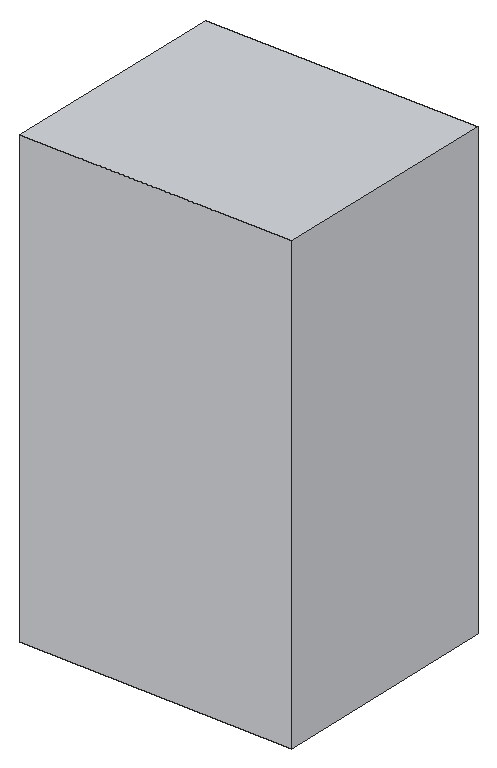
Revit family "Pump_Rheem_DeliverySkid", category Mechanical Equipment, Revit 2014 (continued)
Automatic sketch dimensions
  Extrusion 26 sketch curve to Extrusion 26 sketch curve = 10.652 mm  (x3)
  Extrusion 26 sketch curve to Extrusion 26 sketch curve = 0 mm
  level to Extrusion 26 sketch curve = 198.382 mm
  Extrusion 26 sketch curve to Extrusion 26 sketch curve = 6.15 mm  (x5)
  Extrusion 26 sketch curve to Extrusion 26 sketch curve = 12.3 mm
  Revolve 27 sketch curve to plane 7 = 47.278 mm
  Revolve 27 sketch curve to Revolve 27 sketch curve = 17.253 mm
  Revolve 27 sketch curve to Revolve 27 sketch curve = 0.5 mm
  Revolve 27 sketch curve to Revolve 27 sketch curve = 7.998 mm
  level to Revolve 27 sketch curve = 114.948 mm
  Revolve 27 sketch curve to Revolve 27 sketch curve = 17.249 mm
  Revolve 27 sketch curve to Revolve 27 sketch curve = 17.475 mm
  Revolve 27 sketch curve to Revolve 27 sketch curve = 8.583 mm
  Revolve 27 sketch curve to Revolve 27 sketch curve = 0 mm  (x2)
  plane 5 to Extrusion 28 sketch curve = 32.251 mm
  Extrusion 28 sketch curve to Extrusion 28 sketch curve = 10.652 mm  (x3)
  Extrusion 28 sketch curve to Extrusion 28 sketch curve = 0 mm
  level to Extrusion 28 sketch curve = 110 mm
  Extrusion 28 sketch curve to Extrusion 28 sketch curve = 6.15 mm  (x5)
  Extrusion 28 sketch curve to Extrusion 28 sketch curve = 12.3 mm
  Revolve 29 sketch curve to plane 7 = 47.278 mm
  Revolve 29 sketch curve to Revolve 29 sketch curve = 17.253 mm
  Revolve 29 sketch curve to Revolve 29 sketch curve = 0.5 mm
  Revolve 29 sketch curve to Revolve 29 sketch curve = 7.998 mm
  level to Revolve 29 sketch curve = 114.948 mm
  Revolve 29 sketch curve to Revolve 29 sketch curve = 17.249 mm
  Revolve 29 sketch curve to Revolve 29 sketch curve = 17.475 mm
  Revolve 29 sketch curve to Revolve 29 sketch curve = 8.583 mm
  Revolve 29 sketch curve to Revolve 29 sketch curve = 0 mm  (x2)
  plane 5 to Extrusion 30 sketch curve = 120.634 mm
  Extrusion 30 sketch curve to Extrusion 30 sketch curve = 10.652 mm  (x3)
  Extrusion 30 sketch curve to Extrusion 30 sketch curve = 0 mm
  level to Extrusion 30 sketch curve = 110 mm
  Extrusion 30 sketch curve to Extrusion 30 sketch curve = 6.15 mm  (x5)
  Extrusion 30 sketch curve to Extrusion 30 sketch curve = 12.3 mm
  Revolve 31 sketch curve to plane 7 = 47.278 mm
  Revolve 31 sketch curve to Revolve 31 sketch curve = 17.253 mm
  Revolve 31 sketch curve to Revolve 31 sketch curve = 0.5 mm
  Revolve 31 sketch curve to Revolve 31 sketch curve = 7.998 mm
  level to Revolve 31 sketch curve = 203.331 mm
  Revolve 31 sketch curve to Revolve 31 sketch curve = 17.249 mm
  Revolve 31 sketch curve to Revolve 31 sketch curve = 17.475 mm
  Revolve 31 sketch curve to Revolve 31 sketch curve = 8.583 mm
  Revolve 31 sketch curve to Revolve 31 sketch curve = 0 mm  (x2)
  plane 5 to Extrusion 32 sketch curve = 120.634 mm
  Extrusion 32 sketch curve to Extrusion 32 sketch curve = 10.652 mm  (x3)
  Extrusion 32 sketch curve to Extrusion 32 sketch curve = 0 mm
  level to Extrusion 32 sketch curve = 198.382 mm
  Extrusion 32 sketch curve to Extrusion 32 sketch curve = 6.15 mm  (x5)
  Extrusion 32 sketch curve to Extrusion 32 sketch curve = 12.3 mm
  Revolve 33 sketch curve to plane 6 = 16.025 mm
  Revolve 33 sketch curve to Revolve 33 sketch curve = 9.093 mm
  Revolve 33 sketch curve to Revolve 33 sketch curve = 4.41 mm  (x2)
  Revolve 33 sketch curve to Revolve 33 sketch curve = 0.496 mm  (x2)
  Revolve 33 sketch curve to Revolve 33 sketch curve = 21.905 mm
  Revolve 33 sketch curve to Revolve 33 sketch curve = 0.254 mm
  Revolve 33 sketch curve to Revolve 33 sketch curve = 3 mm  (x4)
  Revolve 33 sketch curve to Revolve 33 sketch curve = 2.745 mm
  Revolve 33 sketch curve to Revolve 33 sketch curve = 16.999 mm  (x2)
  Revolve 33 sketch curve to Revolve 33 sketch curve = 9.451 mm
  Revolve 33 sketch curve to Revolve 33 sketch curve = 5.642 mm
  Revolve 33 sketch curve to Revolve 33 sketch curve = 5.973 mm
  Revolve 33 sketch curve to plane 7 = 98.926 mm
  Revolve 33 sketch curve to Revolve 33 sketch curve = 5.906 mm
  Revolve 33 sketch curve to Revolve 33 sketch curve = 13.999 mm
  Revolve 33 sketch curve to Revolve 33 sketch curve = 1.944 mm
  Revolve 33 sketch curve to Revolve 33 sketch curve = 6 mm
  Revolve 33 sketch curve to plane 8 = 485.857 mm
  Revolve 33 sketch curve to Revolve 33 sketch curve = 26.932 mm
  Revolve 33 sketch curve to Revolve 33 sketch curve = 0 mm  (x5)
  Revolve 33 sketch curve to Revolve 33 sketch curve = 30.148 mm
  Revolve 33 sketch curve to Revolve 33 sketch curve = 5.148 mm
  Revolve 33 sketch curve to Revolve 33 sketch curve = 1.932 mm
  Revolve 33 sketch curve to Revolve 33 sketch curve = 5.461 mm
  Revolve 33 sketch curve to Revolve 33 sketch curve = 17.259 mm
  Revolve 33 sketch curve to Revolve 33 sketch curve = 9.712 mm
  Revolve 33 sketch curve to Revolve 33 sketch curve = 7.949 mm
  Revolve 33 sketch curve to Revolve 33 sketch curve = 22.854 mm
  Revolve 33 sketch curve to Revolve 33 sketch curve = 7.5 mm  (x2)
  Revolve 33 sketch curve to Revolve 33 sketch curve = 31.498 mm
  Revolve 33 sketch curve to plane 7 = 23.023 mm
  plane 5 to Extrusion 34 sketch curve = 76.538 mm
  Extrusion 34 sketch curve to plane 8 = 500.821 mm
  Extrusion 34 sketch curve to Extrusion 34 sketch curve = 8.076 mm
  Extrusion 34 sketch curve to Extrusion 34 sketch curve = 24.607 mm
  Extrusion 34 sketch curve to Extrusion 34 sketch curve = 16.53 mm
  Revolve 35 sketch curve to plane 6 = 55.768 mm
  Revolve 35 sketch curve to Revolve 35 sketch curve = 17.253 mm
  Revolve 35 sketch curve to Revolve 35 sketch curve = 0.5 mm
  Revolve 35 sketch curve to Revolve 35 sketch curve = 7.998 mm
  Revolve 35 sketch curve to plane 8 = 529.822 mm
  Revolve 35 sketch curve to Revolve 35 sketch curve = 0.227 mm
  Revolve 35 sketch curve to Revolve 35 sketch curve = 17.475 mm
  Revolve 35 sketch curve to Revolve 35 sketch curve = 8.583 mm
  Revolve 35 sketch curve to Revolve 35 sketch curve = 0 mm  (x2)
  plane 5 to Extrusion 36 sketch curve = 32.251 mm
  Extrusion 36 sketch curve to Extrusion 36 sketch curve = 10.652 mm  (x3)
  Extrusion 36 sketch curve to Extrusion 36 sketch curve = 0 mm
  Extrusion 36 sketch curve to plane 8 = 517.748 mm
  Extrusion 36 sketch curve to Extrusion 36 sketch curve = 6.15 mm  (x3)
  Extrusion 36 sketch curve to Extrusion 36 sketch curve = 12.3 mm  (x3)
  Revolve 37 sketch curve to plane 6 = 55.768 mm
  Revolve 37 sketch curve to Revolve 37 sketch curve = 17.253 mm
  Revolve 37 sketch curve to Revolve 37 sketch curve = 0.5 mm
  Revolve 37 sketch curve to Revolve 37 sketch curve = 7.998 mm
  Revolve 37 sketch curve to plane 8 = 441.439 mm
  Revolve 37 sketch curve to Revolve 37 sketch curve = 0.227 mm
  Revolve 37 sketch curve to Revolve 37 sketch curve = 17.475 mm
  Revolve 37 sketch curve to Revolve 37 sketch curve = 8.583 mm
  Revolve 37 sketch curve to Revolve 37 sketch curve = 0 mm  (x2)
  plane 5 to Extrusion 38 sketch curve = 32.251 mm
  Extrusion 38 sketch curve to Extrusion 38 sketch curve = 10.652 mm  (x3)
  Extrusion 38 sketch curve to Extrusion 38 sketch curve = 0 mm
  Extrusion 38 sketch curve to plane 8 = 429.366 mm
  Extrusion 38 sketch curve to Extrusion 38 sketch curve = 6.15 mm  (x3)
  Extrusion 38 sketch curve to Extrusion 38 sketch curve = 12.3 mm  (x3)
  Revolve 39 sketch curve to plane 6 = 55.768 mm
  Revolve 39 sketch curve to Revolve 39 sketch curve = 17.253 mm
  Revolve 39 sketch curve to Revolve 39 sketch curve = 0.5 mm
  Revolve 39 sketch curve to Revolve 39 sketch curve = 7.998 mm
  Revolve 39 sketch curve to plane 8 = 441.439 mm
  Revolve 39 sketch curve to Revolve 39 sketch curve = 0.227 mm
  Revolve 39 sketch curve to Revolve 39 sketch curve = 17.475 mm
  Revolve 39 sketch curve to Revolve 39 sketch curve = 8.583 mm
  Revolve 39 sketch curve to Revolve 39 sketch curve = 0 mm  (x2)
  plane 5 to Extrusion 40 sketch curve = 120.634 mm
  Extrusion 40 sketch curve to Extrusion 40 sketch curve = 10.652 mm  (x3)
  Extrusion 40 sketch curve to Extrusion 40 sketch curve = 0 mm
  Extrusion 40 sketch curve to plane 8 = 429.366 mm
  Extrusion 40 sketch curve to Extrusion 40 sketch curve = 6.15 mm  (x3)
  Extrusion 40 sketch curve to Extrusion 40 sketch curve = 12.3 mm  (x3)
  Revolve 41 sketch curve to plane 6 = 55.768 mm
  Revolve 41 sketch curve to Revolve 41 sketch curve = 17.253 mm
  Revolve 41 sketch curve to Revolve 41 sketch curve = 0.5 mm
  Revolve 41 sketch curve to Revolve 41 sketch curve = 7.998 mm
  Revolve 41 sketch curve to plane 8 = 529.822 mm
  Revolve 41 sketch curve to Revolve 41 sketch curve = 0.227 mm
  Revolve 41 sketch curve to Revolve 41 sketch curve = 17.475 mm
  Revolve 41 sketch curve to Revolve 41 sketch curve = 8.583 mm
  Revolve 41 sketch curve to Revolve 41 sketch curve = 0 mm  (x2)
  plane 5 to Extrusion 42 sketch curve = 120.634 mm
  Extrusion 42 sketch curve to Extrusion 42 sketch curve = 10.652 mm  (x3)
  Extrusion 42 sketch curve to Extrusion 42 sketch curve = 0 mm
  Extrusion 42 sketch curve to plane 8 = 517.748 mm
  Extrusion 42 sketch curve to Extrusion 42 sketch curve = 6.15 mm  (x3)
  Extrusion 42 sketch curve to Extrusion 42 sketch curve = 12.3 mm  (x3)
  Revolve 43 sketch curve to plane 6 = 47.278 mm
  Revolve 43 sketch curve to Revolve 43 sketch curve = 17.253 mm
  Revolve 43 sketch curve to Revolve 43 sketch curve = 0.5 mm
  Revolve 43 sketch curve to Revolve 43 sketch curve = 7.998 mm
  Revolve 43 sketch curve to plane 8 = 547.297 mm
  Revolve 43 sketch curve to Revolve 43 sketch curve = 17.249 mm
  Revolve 43 sketch curve to Revolve 43 sketch curve = 17.475 mm
  Revolve 43 sketch curve to Revolve 43 sketch curve = 8.583 mm
  Revolve 43 sketch curve to Revolve 43 sketch curve = 0 mm  (x2)
  plane 5 to Extrusion 44 sketch curve = 32.251 mm
  Extrusion 44 sketch curve to Extrusion 44 sketch curve = 10.652 mm  (x3)
  Extrusion 44 sketch curve to Extrusion 44 sketch curve = 0 mm
  Extrusion 44 sketch curve to plane 8 = 542.348 mm
  Extrusion 44 sketch curve to Extrusion 44 sketch curve = 6.15 mm  (x5)
  Extrusion 44 sketch curve to Extrusion 44 sketch curve = 12.3 mm
  Revolve 45 sketch curve to plane 6 = 47.278 mm
  Revolve 45 sketch curve to Revolve 45 sketch curve = 17.253 mm
  Revolve 45 sketch curve to Revolve 45 sketch curve = 0.5 mm
  Revolve 45 sketch curve to Revolve 45 sketch curve = 7.998 mm
  Revolve 45 sketch curve to plane 8 = 458.915 mm
  Revolve 45 sketch curve to Revolve 45 sketch curve = 17.249 mm
  Revolve 45 sketch curve to Revolve 45 sketch curve = 17.475 mm
  Revolve 45 sketch curve to Revolve 45 sketch curve = 8.583 mm
  Revolve 45 sketch curve to Revolve 45 sketch curve = 0 mm  (x2)
  plane 5 to Extrusion 46 sketch curve = 32.251 mm
  Extrusion 46 sketch curve to Extrusion 46 sketch curve = 10.652 mm  (x3)
  Extrusion 46 sketch curve to Extrusion 46 sketch curve = 0 mm
  Extrusion 46 sketch curve to plane 8 = 453.966 mm
  Extrusion 46 sketch curve to Extrusion 46 sketch curve = 6.15 mm  (x5)
  Extrusion 46 sketch curve to Extrusion 46 sketch curve = 12.3 mm
  Revolve 47 sketch curve to plane 6 = 47.278 mm
  Revolve 47 sketch curve to Revolve 47 sketch curve = 17.253 mm
  Revolve 47 sketch curve to Revolve 47 sketch curve = 0.5 mm
  Revolve 47 sketch curve to Revolve 47 sketch curve = 7.998 mm
  Revolve 47 sketch curve to plane 8 = 458.915 mm
  Revolve 47 sketch curve to Revolve 47 sketch curve = 17.249 mm
  Revolve 47 sketch curve to Revolve 47 sketch curve = 17.475 mm
  Revolve 47 sketch curve to Revolve 47 sketch curve = 8.583 mm
  Revolve 47 sketch curve to Revolve 47 sketch curve = 0 mm  (x2)
  plane 5 to Extrusion 48 sketch curve = 120.634 mm
  Extrusion 48 sketch curve to Extrusion 48 sketch curve = 10.652 mm  (x3)
  Extrusion 48 sketch curve to Extrusion 48 sketch curve = 0 mm
  Extrusion 48 sketch curve to plane 8 = 453.966 mm
  Extrusion 48 sketch curve to Extrusion 48 sketch curve = 6.15 mm  (x5)
  Extrusion 48 sketch curve to Extrusion 48 sketch curve = 12.3 mm
  Revolve 49 sketch curve to plane 6 = 47.278 mm
  Revolve 49 sketch curve to Revolve 49 sketch curve = 17.253 mm
  Revolve 49 sketch curve to Revolve 49 sketch curve = 0.5 mm
  Revolve 49 sketch curve to Revolve 49 sketch curve = 7.998 mm
  Revolve 49 sketch curve to plane 8 = 547.297 mm
  Revolve 49 sketch curve to Revolve 49 sketch curve = 17.249 mm
  Revolve 49 sketch curve to Revolve 49 sketch curve = 17.475 mm
  Revolve 49 sketch curve to Revolve 49 sketch curve = 8.583 mm
  Revolve 49 sketch curve to Revolve 49 sketch curve = 0 mm  (x2)
  plane 5 to Extrusion 50 sketch curve = 120.634 mm
  Extrusion 50 sketch curve to Extrusion 50 sketch curve = 10.652 mm  (x3)
  Extrusion 50 sketch curve to Extrusion 50 sketch curve = 0 mm
  Extrusion 50 sketch curve to plane 8 = 542.348 mm
  Extrusion 50 sketch curve to Extrusion 50 sketch curve = 6.15 mm  (x5)
  Extrusion 50 sketch curve to Extrusion 50 sketch curve = 12.3 mm
  plane 5 to Extrusion 51 sketch curve = 42.903 mm  (x2)
  Extrusion 51 sketch curve to Extrusion 51 sketch curve = 88.383 mm  (x3)
  Extrusion 51 sketch curve to Extrusion 51 sketch curve = 0 mm  (x2)
  level to Extrusion 51 sketch curve = 97.7 mm
  plane 5 to Extrusion 52 sketch curve = 42.903 mm  (x2)
  Extrusion 52 sketch curve to Extrusion 52 sketch curve = 88.383 mm  (x3)
  Extrusion 52 sketch curve to Extrusion 52 sketch curve = 0 mm  (x2)
  Extrusion 52 sketch curve to plane 8 = 441.666 mm
  plane 3 "Center (Left/Right)" to Sweep 53 sketch curve = 51.498 mm
  Sweep 53 sketch curve to Sweep 53 sketch curve = 1 mm  (x3)
  Sweep 53 sketch curve to Sweep 53 sketch curve = 124.989 mm  (x2)
  Sweep 53 sketch curve to level = 376.977 mm
  Sweep 53 sketch curve to Sweep 53 sketch curve = 260.06 mm
  profile plane to Sweep 53 sketch curve = 0 mm
  Sweep 53 sketch curve to profile plane = 24.998 mm
  Sweep 53 sketch curve to plane 1 "Center (Front/Back)" = 263.56 mm
  plane 1 "Center (Front/Back)" to Sweep 53 sketch curve = 27.921 mm
  Sweep 53 sketch curve to Sweep 53 sketch curve = 266.483 mm
  plane 3 "Center (Left/Right)" to Extrusion 54 sketch curve = 51.498 mm
  Extrusion 54 sketch curve to Extrusion 54 sketch curve = 1 mm  (x3)
  Extrusion 54 sketch curve to Extrusion 54 sketch curve = 124.989 mm  (x2)
  Extrusion 54 sketch curve to level = 376.977 mm
  Extrusion 54 sketch curve to Extrusion 54 sketch curve = 260.06 mm
  plane 3 "Center (Left/Right)" to Revolve 55 sketch curve = 114.016 mm
  Revolve 55 sketch curve to Revolve 55 sketch curve = 5 mm  (x3)
  Revolve 55 sketch curve to Revolve 55 sketch curve = 0.5 mm
  Revolve 55 sketch curve to Revolve 55 sketch curve = 0.101 mm
  Revolve 55 sketch curve to Revolve 55 sketch curve = 1.453 mm
  Revolve 55 sketch curve to Revolve 55 sketch curve = 0.504 mm
  Revolve 55 sketch curve to Revolve 55 sketch curve = 0.067 mm
  Revolve 55 sketch curve to Revolve 55 sketch curve = 2.481 mm
  Revolve 55 sketch curve to Revolve 55 sketch curve = 0.147 mm
  Revolve 55 sketch curve to Revolve 55 sketch curve = 1.079 mm
  Revolve 55 sketch curve to Revolve 55 sketch curve = 6.488 mm
  Revolve 55 sketch curve to Revolve 55 sketch curve = 0 mm  (x17)
  Revolve 55 sketch curve to Revolve 55 sketch curve = 2.851 mm
  Revolve 55 sketch curve to Revolve 55 sketch curve = 5.887 mm
  Revolve 55 sketch curve to Revolve 55 sketch curve = 0.376 mm
  Revolve 55 sketch curve to Revolve 55 sketch curve = 0.84 mm
  Revolve 55 sketch curve to Revolve 55 sketch curve = 1.504 mm  (x3)
  Revolve 55 sketch curve to Revolve 55 sketch curve = 1.129 mm
  Revolve 55 sketch curve to Revolve 55 sketch curve = 0.665 mm
  Revolve 55 sketch curve to Revolve 55 sketch curve = 19.482 mm  (x2)
  Revolve 55 sketch curve to Revolve 55 sketch curve = 26.874 mm
  level to Revolve 55 sketch curve = 141.891 mm
  Revolve 55 sketch curve to Revolve 55 sketch curve = 42.791 mm
  Revolve 55 sketch curve to Revolve 55 sketch curve = 0.869 mm  (x3)
  Revolve 55 sketch curve to Revolve 55 sketch curve = 1.737 mm  (x17)
  Revolve 55 sketch curve to Revolve 55 sketch curve = 0.652 mm
  Revolve 55 sketch curve to Revolve 55 sketch curve = 18.749 mm
  Revolve 55 sketch curve to Revolve 55 sketch curve = 7.14 mm
  Revolve 55 sketch curve to Revolve 55 sketch curve = 42.856 mm
  Revolve 55 sketch curve to Revolve 55 sketch curve = 3 mm
  Revolve 55 sketch curve to Revolve 55 sketch curve = 0.644 mm
  Revolve 55 sketch curve to Revolve 55 sketch curve = 16.823 mm
  Revolve 55 sketch curve to Revolve 55 sketch curve = 0.485 mm
  Revolve 55 sketch curve to Revolve 55 sketch curve = 1.048 mm
  Revolve 55 sketch curve to Revolve 55 sketch curve = 0.529 mm
  Revolve 55 sketch curve to Revolve 55 sketch curve = 20.774 mm
  Revolve 55 sketch curve to Revolve 55 sketch curve = 32.539 mm
  Revolve 55 sketch curve to Revolve 55 sketch curve = 40 mm
  plane 3 "Center (Left/Right)" to Extrusion 56 sketch curve = 111.491 mm
  Extrusion 56 sketch curve to Extrusion 56 sketch curve = 10.251 mm  (x5)
  Extrusion 56 sketch curve to Extrusion 56 sketch curve = 24.749 mm  (x7)
  plane 5 to Extrusion 56 sketch curve = 52.094 mm
  plane 5 to Extrusion 56 sketch curve = 62.346 mm
  plane 5 to Extrusion 56 sketch curve = 87.094 mm
  plane 3 "Center (Left/Right)" to Extrusion 57 sketch curve = 121.491 mm
  Extrusion 57 sketch curve to Extrusion 57 sketch curve = 7.322 mm  (x5)
  Extrusion 57 sketch curve to Extrusion 57 sketch curve = 17.678 mm  (x8)
  plane 5 to Extrusion 57 sketch curve = 62.094 mm
  plane 5 to Extrusion 57 sketch curve = 69.417 mm
  plane 3 "Center (Left/Right)" to Extrusion 58 sketch curve = 120.416 mm
  Extrusion 58 sketch curve to Extrusion 58 sketch curve = 7.637 mm  (x5)
  Extrusion 58 sketch curve to Extrusion 58 sketch curve = 18.437 mm  (x8)
  plane 5 to Extrusion 58 sketch curve = 61.02 mm
  plane 5 to Extrusion 58 sketch curve = 68.657 mm
  Extrusion 59 sketch curve to Extrusion 59 sketch curve = 0 mm  (x2)
  plane 3 "Center (Left/Right)" to Extrusion 59 sketch curve = 124.992 mm
  Extrusion 59 sketch curve to Extrusion 59 sketch curve = 7.952 mm  (x2)
  Extrusion 59 sketch curve to Extrusion 59 sketch curve = 2.639 mm  (x2)
  Extrusion 59 sketch curve to Extrusion 59 sketch curve = 10.907 mm
  Extrusion 59 sketch curve to Extrusion 59 sketch curve = 4.419 mm
  Extrusion 59 sketch curve to Extrusion 59 sketch curve = 4.75 mm
  level to Extrusion 59 sketch curve = 221.386 mm
  Extrusion 59 sketch curve to Extrusion 59 sketch curve = 13.546 mm
  plane 3 "Center (Left/Right)" to Extrusion 61 sketch curve = 146.491 mm
  level to Extrusion 61 sketch curve = 242.884 mm
  Extrusion 62 sketch curve to Extrusion 62 sketch curve = 0 mm  (x3)
  plane 5 to Extrusion 62 sketch curve = 27.122 mm
  Extrusion 62 sketch curve to Extrusion 62 sketch curve = 0.871 mm
  Extrusion 62 sketch curve to Extrusion 62 sketch curve = 3 mm  (x2)
  Extrusion 62 sketch curve to Extrusion 62 sketch curve = 0.469 mm
  Extrusion 62 sketch curve to Extrusion 62 sketch curve = 3.031 mm
  Extrusion 62 sketch curve to Extrusion 62 sketch curve = 7.629 mm
  Extrusion 62 sketch curve to Extrusion 62 sketch curve = 0.36 mm
  Extrusion 62 sketch curve to Extrusion 62 sketch curve = 2.719 mm
  Extrusion 62 sketch curve to Extrusion 62 sketch curve = 0.421 mm
  Extrusion 62 sketch curve to Extrusion 62 sketch curve = 2.55 mm
  Extrusion 62 sketch curve to Extrusion 62 sketch curve = 0.5 mm
  level to Extrusion 62 sketch curve = 224.635 mm
  Extrusion 62 sketch curve to Extrusion 62 sketch curve = 29.498 mm
  Extrusion 62 sketch curve to Extrusion 62 sketch curve = 0.096 mm
  Extrusion 62 sketch curve to Extrusion 62 sketch curve = 18.546 mm
  plane 3 "Center (Left/Right)" to Extrusion 63 sketch curve = 136.491 mm
  Extrusion 63 sketch curve to Extrusion 63 sketch curve = 2 mm  (x3)
  Extrusion 63 sketch curve to Extrusion 63 sketch curve = 15.999 mm  (x2)
  level to Extrusion 63 sketch curve = 281.096 mm
  Extrusion 63 sketch curve to Extrusion 63 sketch curve = 84.78 mm
  plane 5 to Extrusion 64 sketch curve = 42.621 mm
  plane 3 "Center (Left/Right)" to Extrusion 64 sketch curve = 141.491 mm
  Extrusion 64 sketch curve to Extrusion 64 sketch curve = 1.802 mm  (x4)
  Extrusion 64 sketch curve to Extrusion 64 sketch curve = 3.198 mm  (x3)
  Extrusion 64 sketch curve to Extrusion 64 sketch curve = 9.171 mm
  Revolve 65 sketch curve to plane 3 "Center (Left/Right)" = 115.969 mm
  Revolve 65 sketch curve to Revolve 65 sketch curve = 5 mm  (x3)
  Revolve 65 sketch curve to Revolve 65 sketch curve = 0.5 mm
  Revolve 65 sketch curve to Revolve 65 sketch curve = 0.101 mm
  Revolve 65 sketch curve to Revolve 65 sketch curve = 1.453 mm
  Revolve 65 sketch curve to Revolve 65 sketch curve = 0.504 mm
  Revolve 65 sketch curve to Revolve 65 sketch curve = 0.067 mm
  Revolve 65 sketch curve to Revolve 65 sketch curve = 2.481 mm
  Revolve 65 sketch curve to Revolve 65 sketch curve = 0.147 mm
  Revolve 65 sketch curve to Revolve 65 sketch curve = 1.079 mm
  Revolve 65 sketch curve to Revolve 65 sketch curve = 6.488 mm
  Revolve 65 sketch curve to Revolve 65 sketch curve = 0 mm  (x17)
  Revolve 65 sketch curve to Revolve 65 sketch curve = 2.851 mm
  Revolve 65 sketch curve to Revolve 65 sketch curve = 5.887 mm
  Revolve 65 sketch curve to Revolve 65 sketch curve = 0.376 mm
  Revolve 65 sketch curve to Revolve 65 sketch curve = 0.84 mm
  Revolve 65 sketch curve to Revolve 65 sketch curve = 1.504 mm  (x3)
  Revolve 65 sketch curve to Revolve 65 sketch curve = 1.129 mm
  Revolve 65 sketch curve to Revolve 65 sketch curve = 0.665 mm
  Revolve 65 sketch curve to Revolve 65 sketch curve = 19.482 mm  (x2)
  Revolve 65 sketch curve to Revolve 65 sketch curve = 26.874 mm
  level to Revolve 65 sketch curve = 141.891 mm
  Revolve 65 sketch curve to Revolve 65 sketch curve = 42.791 mm
  Revolve 65 sketch curve to Revolve 65 sketch curve = 0.869 mm  (x3)
  Revolve 65 sketch curve to Revolve 65 sketch curve = 1.737 mm  (x17)
  Revolve 65 sketch curve to Revolve 65 sketch curve = 0.652 mm
  Revolve 65 sketch curve to Revolve 65 sketch curve = 18.749 mm
  Revolve 65 sketch curve to Revolve 65 sketch curve = 7.14 mm
  Revolve 65 sketch curve to Revolve 65 sketch curve = 42.856 mm
  Revolve 65 sketch curve to Revolve 65 sketch curve = 3 mm
  Revolve 65 sketch curve to Revolve 65 sketch curve = 0.644 mm
  Revolve 65 sketch curve to Revolve 65 sketch curve = 16.823 mm
  Revolve 65 sketch curve to Revolve 65 sketch curve = 0.485 mm
  Revolve 65 sketch curve to Revolve 65 sketch curve = 1.048 mm
  Revolve 65 sketch curve to Revolve 65 sketch curve = 0.529 mm
  Revolve 65 sketch curve to Revolve 65 sketch curve = 20.774 mm
  Revolve 65 sketch curve to Revolve 65 sketch curve = 32.539 mm
  Revolve 65 sketch curve to Revolve 65 sketch curve = 40 mm
  Extrusion 66 sketch curve to plane 3 "Center (Left/Right)" = 118.495 mm
  Extrusion 66 sketch curve to Extrusion 66 sketch curve = 10.251 mm  (x6)
  Extrusion 66 sketch curve to Extrusion 66 sketch curve = 24.749 mm  (x8)
  plane 5 to Extrusion 66 sketch curve = 52.094 mm
  Extrusion 67 sketch curve to plane 3 "Center (Left/Right)" = 108.495 mm
  Extrusion 67 sketch curve to Extrusion 67 sketch curve = 7.322 mm  (x6)
  Extrusion 67 sketch curve to Extrusion 67 sketch curve = 17.678 mm  (x8)
  plane 5 to Extrusion 67 sketch curve = 62.094 mm
  Extrusion 68 sketch curve to plane 3 "Center (Left/Right)" = 109.569 mm
  Extrusion 68 sketch curve to Extrusion 68 sketch curve = 7.637 mm  (x6)
  Extrusion 68 sketch curve to Extrusion 68 sketch curve = 18.437 mm  (x8)
  plane 5 to Extrusion 68 sketch curve = 61.02 mm
  Extrusion 69 sketch curve to plane 3 "Center (Left/Right)" = 93.494 mm
  Extrusion 69 sketch curve to Extrusion 69 sketch curve = 2 mm  (x3)
  Extrusion 69 sketch curve to Extrusion 69 sketch curve = 15.999 mm  (x2)
  level to Extrusion 69 sketch curve = 281.096 mm
  Extrusion 69 sketch curve to Extrusion 69 sketch curve = 84.78 mm
  Extrusion 70 sketch curve to Extrusion 70 sketch curve = 0 mm  (x3)
  plane 5 to Extrusion 70 sketch curve = 27.122 mm
  Extrusion 70 sketch curve to Extrusion 70 sketch curve = 0.871 mm
  Extrusion 70 sketch curve to Extrusion 70 sketch curve = 3 mm  (x2)
  Extrusion 70 sketch curve to Extrusion 70 sketch curve = 0.469 mm
  Extrusion 70 sketch curve to Extrusion 70 sketch curve = 3.031 mm
  Extrusion 70 sketch curve to Extrusion 70 sketch curve = 7.629 mm
  Extrusion 70 sketch curve to Extrusion 70 sketch curve = 0.36 mm
  Extrusion 70 sketch curve to Extrusion 70 sketch curve = 2.719 mm
  Extrusion 70 sketch curve to Extrusion 70 sketch curve = 0.421 mm
  Extrusion 70 sketch curve to Extrusion 70 sketch curve = 2.55 mm
  Extrusion 70 sketch curve to Extrusion 70 sketch curve = 0.5 mm
  level to Extrusion 70 sketch curve = 224.635 mm
  Extrusion 70 sketch curve to Extrusion 70 sketch curve = 29.498 mm
  Extrusion 70 sketch curve to Extrusion 70 sketch curve = 0.096 mm
  Extrusion 70 sketch curve to Extrusion 70 sketch curve = 18.546 mm
  Extrusion 71 sketch curve to Extrusion 71 sketch curve = 0 mm  (x2)
  Extrusion 71 sketch curve to plane 3 "Center (Left/Right)" = 104.993 mm
  Extrusion 71 sketch curve to Extrusion 71 sketch curve = 7.952 mm  (x2)
  Extrusion 71 sketch curve to Extrusion 71 sketch curve = 2.639 mm  (x2)
  Extrusion 71 sketch curve to Extrusion 71 sketch curve = 10.907 mm
  Extrusion 71 sketch curve to Extrusion 71 sketch curve = 4.419 mm
  Extrusion 71 sketch curve to Extrusion 71 sketch curve = 4.75 mm
  level to Extrusion 71 sketch curve = 221.386 mm
  Extrusion 71 sketch curve to Extrusion 71 sketch curve = 13.546 mm
  Extrusion 72 sketch curve to plane 3 "Center (Left/Right)" = 92.299 mm
  Extrusion 72 sketch curve to Extrusion 72 sketch curve = 4.402 mm  (x3)
  Extrusion 72 sketch curve to Extrusion 72 sketch curve = 8.805 mm  (x2)
  level to Extrusion 72 sketch curve = 235.259 mm
  Extrusion 72 sketch curve to Extrusion 72 sketch curve = 7.625 mm  (x3)
  Extrusion 73 sketch curve to plane 3 "Center (Left/Right)" = 83.495 mm
  level to Extrusion 73 sketch curve = 242.884 mm
  plane 5 to Extrusion 74 sketch curve = 42.621 mm
  Extrusion 74 sketch curve to plane 3 "Center (Left/Right)" = 88.495 mm
  Extrusion 74 sketch curve to Extrusion 74 sketch curve = 1.802 mm  (x4)
  Extrusion 74 sketch curve to Extrusion 74 sketch curve = 3.198 mm  (x3)
  Extrusion 74 sketch curve to Extrusion 74 sketch curve = 9.171 mm
  plane 5 to Sweep 75 sketch curve = 125.092 mm
  level to Sweep 75 sketch curve = 340.878 mm
  Sweep 75 sketch curve to Sweep 75 sketch curve = 37.998 mm
  Sweep 75 sketch curve to profile plane = 0 mm  (x2)
  plane 3 "Center (Left/Right)" to Revolve 76 sketch curve = 58.495 mm
  Revolve 76 sketch curve to Revolve 76 sketch curve = 3.918 mm
  Revolve 76 sketch curve to Revolve 76 sketch curve = 0 mm  (x3)
  Revolve 76 sketch curve to Revolve 76 sketch curve = 1.621 mm  (x2)
  Revolve 76 sketch curve to Revolve 76 sketch curve = 1.697 mm
  Revolve 76 sketch curve to Revolve 76 sketch curve = 19.386 mm
  level to Revolve 76 sketch curve = 340.878 mm
  Revolve 76 sketch curve to Revolve 76 sketch curve = 7 mm
  Revolve 76 sketch curve to Revolve 76 sketch curve = 1.013 mm  (x3)
  Revolve 76 sketch curve to Revolve 76 sketch curve = 1.06 mm
  Revolve 76 sketch curve to Revolve 76 sketch curve = 10.087 mm
  plane 5 to Revolve 77 sketch curve = 125.092 mm
  Revolve 77 sketch curve to Revolve 77 sketch curve = 2.5 mm
  Revolve 77 sketch curve to Revolve 77 sketch curve = 2 mm  (x3)
  Revolve 77 sketch curve to Revolve 77 sketch curve = 4.4 mm
  Revolve 77 sketch curve to Revolve 77 sketch curve = 20.999 mm
  Revolve 77 sketch curve to Revolve 77 sketch curve = 4.003 mm
  plane 1 "Center (Front/Back)" to Revolve 77 sketch curve = 17.488 mm
  Revolve 77 sketch curve to plane 1 "Center (Front/Back)" = 78.839 mm
  level to Revolve 77 sketch curve = 302.88 mm
  Revolve 77 sketch curve to Revolve 77 sketch curve = 0 mm  (x3)
  Revolve 77 sketch curve to Revolve 77 sketch curve = 20.954 mm
  Revolve 77 sketch curve to Revolve 77 sketch curve = 21 mm
  Revolve 77 sketch curve to Revolve 77 sketch curve = 22.499 mm
  Revolve 77 sketch curve to Revolve 77 sketch curve = 94.725 mm
  Revolve 77 sketch curve to Revolve 77 sketch curve = 55 mm
  plane 3 "Center (Left/Right)" to Extrusion 78 sketch curve = 53.495 mm
  Extrusion 78 sketch curve to Extrusion 78 sketch curve = 8.787 mm  (x6)
  Extrusion 78 sketch curve to Extrusion 78 sketch curve = 21.213 mm  (x8)
  level to Extrusion 78 sketch curve = 332.88 mm
  plane 1 "Center (Front/Back)" to Revolve 79 sketch curve = 17.488 mm
  Revolve 79 sketch curve to Revolve 79 sketch curve = 0.869 mm  (x2)
  Revolve 79 sketch curve to Revolve 79 sketch curve = 1.737 mm  (x16)
  Revolve 79 sketch curve to Revolve 79 sketch curve = 32.539 mm
  Revolve 79 sketch curve to Revolve 79 sketch curve = 20.734 mm
  Revolve 79 sketch curve to Revolve 79 sketch curve = 0.04 mm
  Revolve 79 sketch curve to Revolve 79 sketch curve = 0.568 mm
  Revolve 79 sketch curve to Revolve 79 sketch curve = 0.564 mm
  Revolve 79 sketch curve to Revolve 79 sketch curve = 0.485 mm
  Revolve 79 sketch curve to Revolve 79 sketch curve = 1.353 mm
  Revolve 79 sketch curve to Revolve 79 sketch curve = 16.823 mm
  Revolve 79 sketch curve to Revolve 79 sketch curve = 0.082 mm
  Revolve 79 sketch curve to Revolve 79 sketch curve = 0.644 mm
  Revolve 79 sketch curve to Revolve 79 sketch curve = 0.5 mm
  Revolve 79 sketch curve to Revolve 79 sketch curve = 3 mm
  plane 3 "Center (Left/Right)" to Revolve 79 sketch curve = 51.02 mm
  Revolve 79 sketch curve to Revolve 79 sketch curve = 5 mm  (x2)
  Revolve 79 sketch curve to Revolve 79 sketch curve = 42.856 mm
  Revolve 79 sketch curve to Revolve 79 sketch curve = 7.792 mm
  Revolve 79 sketch curve to Revolve 79 sketch curve = 18.097 mm
  plane 3 "Center (Left/Right)" to Revolve 79 sketch curve = 64.013 mm  (x6)
  Revolve 79 sketch curve to Revolve 79 sketch curve = 0.652 mm
  plane 3 "Center (Left/Right)" to Revolve 79 sketch curve = 62.508 mm  (x5)
  Revolve 79 sketch curve to Revolve 79 sketch curve = 1.52 mm
  Revolve 79 sketch curve to Revolve 79 sketch curve = 5.812 mm
  Revolve 79 sketch curve to Revolve 79 sketch curve = 5.456 mm
  Revolve 79 sketch curve to Revolve 79 sketch curve = 0.101 mm
  Revolve 79 sketch curve to Revolve 79 sketch curve = 1.453 mm
  Revolve 79 sketch curve to Revolve 79 sketch curve = 0.504 mm
  Revolve 79 sketch curve to Revolve 79 sketch curve = 2.481 mm
  Revolve 79 sketch curve to Revolve 79 sketch curve = 0.147 mm
  Revolve 79 sketch curve to Revolve 79 sketch curve = 0 mm  (x8)
  Revolve 79 sketch curve to Revolve 79 sketch curve = 2.851 mm
  Revolve 79 sketch curve to Revolve 79 sketch curve = 5.887 mm
  Revolve 79 sketch curve to Revolve 79 sketch curve = 1.129 mm
  Revolve 79 sketch curve to Revolve 79 sketch curve = 0.84 mm
  Revolve 79 sketch curve to Revolve 79 sketch curve = 1.504 mm  (x3)
  Revolve 79 sketch curve to Revolve 79 sketch curve = 0.665 mm
  Revolve 79 sketch curve to Revolve 79 sketch curve = 19.482 mm  (x2)
  Revolve 79 sketch curve to Revolve 79 sketch curve = 26.874 mm
  Revolve 79 sketch curve to plane 1 "Center (Front/Back)" = 22.512 mm
  plane 3 "Center (Left/Right)" to Extrusion 80 sketch curve = 48.495 mm
  Extrusion 80 sketch curve to Extrusion 80 sketch curve = 10.251 mm  (x6)
  Extrusion 80 sketch curve to Extrusion 80 sketch curve = 24.749 mm  (x8)
  level to Extrusion 80 sketch curve = 337.88 mm
  plane 3 "Center (Left/Right)" to Extrusion 81 sketch curve = 58.495 mm
  Extrusion 81 sketch curve to Extrusion 81 sketch curve = 7.322 mm  (x6)
  Extrusion 81 sketch curve to Extrusion 81 sketch curve = 17.678 mm  (x8)
  level to Extrusion 81 sketch curve = 327.88 mm
  plane 3 "Center (Left/Right)" to Extrusion 82 sketch curve = 57.42 mm
  Extrusion 82 sketch curve to Extrusion 82 sketch curve = 7.637 mm  (x6)
  Extrusion 82 sketch curve to Extrusion 82 sketch curve = 18.437 mm  (x8)
  level to Extrusion 82 sketch curve = 328.955 mm
  Extrusion 83 sketch curve to Extrusion 83 sketch curve = 0 mm  (x2)
  plane 1 "Center (Front/Back)" to Extrusion 83 sketch curve = 117.823 mm
  Extrusion 83 sketch curve to Extrusion 83 sketch curve = 4.75 mm
  Extrusion 83 sketch curve to Extrusion 83 sketch curve = 9.169 mm
  Extrusion 83 sketch curve to Extrusion 83 sketch curve = 10.907 mm  (x2)
  Extrusion 83 sketch curve to Extrusion 83 sketch curve = 2.639 mm  (x2)
  Extrusion 83 sketch curve to Extrusion 83 sketch curve = 7.952 mm  (x2)
  plane 3 "Center (Left/Right)" to Extrusion 83 sketch curve = 61.996 mm
  plane 3 "Center (Left/Right)" to Extrusion 84 sketch curve = 74.69 mm
  Extrusion 84 sketch curve to Extrusion 84 sketch curve = 4.402 mm  (x3)
  Extrusion 84 sketch curve to Extrusion 84 sketch curve = 8.805 mm  (x2)
  plane 1 "Center (Front/Back)" to Extrusion 84 sketch curve = 134.617 mm
  Extrusion 84 sketch curve to Extrusion 84 sketch curve = 7.625 mm  (x3)
  plane 3 "Center (Left/Right)" to Extrusion 85 sketch curve = 83.495 mm
  plane 1 "Center (Front/Back)" to Extrusion 85 sketch curve = 126.992 mm
  plane 3 "Center (Left/Right)" to Extrusion 86 sketch curve = 78.495 mm
  Extrusion 86 sketch curve to Extrusion 86 sketch curve = 1.802 mm  (x3)
  Extrusion 86 sketch curve to Extrusion 86 sketch curve = 3.198 mm  (x3)
  level to Extrusion 86 sketch curve = 269.38 mm
  Extrusion 86 sketch curve to Extrusion 86 sketch curve = 9.171 mm
  Extrusion 86 sketch curve to Extrusion 86 sketch curve = 0 mm
  plane 1 "Center (Front/Back)" to Extrusion 87 sketch curve = 0 mm
  plane 1 "Center (Front/Back)" to Extrusion 87 sketch curve = 2 mm  (x2)
  Extrusion 87 sketch curve to Extrusion 87 sketch curve = 84.78 mm
  Extrusion 87 sketch curve to Extrusion 87 sketch curve = 0 mm
  Extrusion 87 sketch curve to Extrusion 87 sketch curve = 2 mm
  plane 3 "Center (Left/Right)" to Extrusion 87 sketch curve = 73.495 mm
  Extrusion 87 sketch curve to Extrusion 87 sketch curve = 15.999 mm
  Extrusion 88 sketch curve to Extrusion 88 sketch curve = 0 mm  (x2)
  plane 1 "Center (Front/Back)" to Extrusion 88 sketch curve = 88.78 mm
  level to Extrusion 88 sketch curve = 242.908 mm
  plane 1 "Center (Front/Back)" to Extrusion 88 sketch curve = 92.03 mm
  Extrusion 88 sketch curve to Extrusion 88 sketch curve = 0.871 mm
  Extrusion 88 sketch curve to Extrusion 88 sketch curve = 3 mm  (x2)
  plane 1 "Center (Front/Back)" to Extrusion 88 sketch curve = 90.53 mm
  Extrusion 88 sketch curve to Extrusion 88 sketch curve = 7.629 mm
  Extrusion 88 sketch curve to Extrusion 88 sketch curve = 0.36 mm
  plane 1 "Center (Front/Back)" to Extrusion 88 sketch curve = 110.576 mm
  Extrusion 88 sketch curve to Extrusion 88 sketch curve = 2.719 mm
  Extrusion 88 sketch curve to Extrusion 88 sketch curve = 0.421 mm
  plane 1 "Center (Front/Back)" to Extrusion 88 sketch curve = 108.993 mm
  Extrusion 88 sketch curve to Extrusion 88 sketch curve = 2.55 mm
  plane 1 "Center (Front/Back)" to Extrusion 88 sketch curve = 141.741 mm
  plane 1 "Center (Front/Back)" to Extrusion 88 sketch curve = 145.241 mm
  Extrusion 88 sketch curve to Extrusion 88 sketch curve = 0.5 mm
  Sweep 89 sketch curve to plane 3 "Center (Left/Right)" = 104.491 mm
  plane 3 "Center (Left/Right)" to Sweep 89 sketch curve = 41.495 mm
  Sweep 89 sketch curve to plane 1 "Center (Front/Back)" = 78.839 mm  (x2)
  Sweep 89 sketch curve to Sweep 89 sketch curve = 42 mm
  Sweep 89 sketch curve to profile plane = 0 mm  (x2)
  plane 5 to Sweep 90 sketch curve = 125.092 mm
  level to Sweep 90 sketch curve = 340.878 mm
  Sweep 90 sketch curve to Sweep 90 sketch curve = 37.998 mm
  Sweep 90 sketch curve to profile plane = 0 mm  (x2)
  Revolve 91 sketch curve to plane 3 "Center (Left/Right)" = 171.491 mm
  Revolve 91 sketch curve to Revolve 91 sketch curve = 3.918 mm
  Revolve 91 sketch curve to Revolve 91 sketch curve = 0 mm  (x3)
  Revolve 91 sketch curve to Revolve 91 sketch curve = 1.621 mm  (x2)
  Revolve 91 sketch curve to Revolve 91 sketch curve = 1.697 mm
  Revolve 91 sketch curve to Revolve 91 sketch curve = 19.386 mm
  level to Revolve 91 sketch curve = 340.878 mm
  Revolve 91 sketch curve to Revolve 91 sketch curve = 7 mm
  Revolve 91 sketch curve to Revolve 91 sketch curve = 1.013 mm  (x3)
  Revolve 91 sketch curve to Revolve 91 sketch curve = 1.06 mm
  Revolve 91 sketch curve to Revolve 91 sketch curve = 10.087 mm
  plane 5 to Revolve 92 sketch curve = 125.092 mm
  Revolve 92 sketch curve to Revolve 92 sketch curve = 2.5 mm
  Revolve 92 sketch curve to Revolve 92 sketch curve = 2 mm  (x3)
  Revolve 92 sketch curve to Revolve 92 sketch curve = 4.4 mm
  Revolve 92 sketch curve to Revolve 92 sketch curve = 20.999 mm
  Revolve 92 sketch curve to Revolve 92 sketch curve = 4.003 mm
  plane 1 "Center (Front/Back)" to Revolve 92 sketch curve = 17.488 mm
  Revolve 92 sketch curve to plane 1 "Center (Front/Back)" = 78.839 mm
  level to Revolve 92 sketch curve = 302.88 mm
  Revolve 92 sketch curve to Revolve 92 sketch curve = 0 mm  (x3)
  Revolve 92 sketch curve to Revolve 92 sketch curve = 20.954 mm
  Revolve 92 sketch curve to Revolve 92 sketch curve = 21 mm
  Revolve 92 sketch curve to Revolve 92 sketch curve = 22.499 mm
  Revolve 92 sketch curve to Revolve 92 sketch curve = 94.725 mm
  Revolve 92 sketch curve to Revolve 92 sketch curve = 55 mm
  Extrusion 93 sketch curve to plane 3 "Center (Left/Right)" = 176.491 mm
  Extrusion 93 sketch curve to Extrusion 93 sketch curve = 8.787 mm  (x6)
  Extrusion 93 sketch curve to Extrusion 93 sketch curve = 21.213 mm  (x8)
  level to Extrusion 93 sketch curve = 332.88 mm
  plane 1 "Center (Front/Back)" to Revolve 94 sketch curve = 17.488 mm
  Revolve 94 sketch curve to Revolve 94 sketch curve = 0.869 mm  (x2)
  Revolve 94 sketch curve to Revolve 94 sketch curve = 1.737 mm  (x16)
  Revolve 94 sketch curve to Revolve 94 sketch curve = 32.539 mm
  Revolve 94 sketch curve to Revolve 94 sketch curve = 20.734 mm
  Revolve 94 sketch curve to Revolve 94 sketch curve = 0.04 mm
  Revolve 94 sketch curve to Revolve 94 sketch curve = 0.568 mm
  Revolve 94 sketch curve to Revolve 94 sketch curve = 0.564 mm
  Revolve 94 sketch curve to Revolve 94 sketch curve = 0.485 mm
  Revolve 94 sketch curve to Revolve 94 sketch curve = 1.353 mm
  Revolve 94 sketch curve to Revolve 94 sketch curve = 16.823 mm
  Revolve 94 sketch curve to Revolve 94 sketch curve = 0.082 mm
  Revolve 94 sketch curve to Revolve 94 sketch curve = 0.644 mm
  Revolve 94 sketch curve to Revolve 94 sketch curve = 0.5 mm
  Revolve 94 sketch curve to Revolve 94 sketch curve = 3 mm
  Revolve 94 sketch curve to Revolve 94 sketch curve = 5 mm  (x2)
  Revolve 94 sketch curve to Revolve 94 sketch curve = 42.856 mm
  Revolve 94 sketch curve to Revolve 94 sketch curve = 7.792 mm
  Revolve 94 sketch curve to Revolve 94 sketch curve = 18.097 mm
  Revolve 94 sketch curve to Revolve 94 sketch curve = 0.652 mm
  Revolve 94 sketch curve to Revolve 94 sketch curve = 1.52 mm
  Revolve 94 sketch curve to Revolve 94 sketch curve = 5.812 mm
  Revolve 94 sketch curve to plane 3 "Center (Left/Right)" = 178.965 mm
  Revolve 94 sketch curve to Revolve 94 sketch curve = 5.456 mm
  Revolve 94 sketch curve to Revolve 94 sketch curve = 0.101 mm
  Revolve 94 sketch curve to Revolve 94 sketch curve = 1.453 mm
  Revolve 94 sketch curve to Revolve 94 sketch curve = 0.504 mm
  Revolve 94 sketch curve to Revolve 94 sketch curve = 2.481 mm
  Revolve 94 sketch curve to Revolve 94 sketch curve = 0.147 mm
  Revolve 94 sketch curve to Revolve 94 sketch curve = 6.032 mm
  Revolve 94 sketch curve to Revolve 94 sketch curve = 0 mm  (x16)
  Revolve 94 sketch curve to Revolve 94 sketch curve = 2.851 mm
  Revolve 94 sketch curve to Revolve 94 sketch curve = 5.887 mm
  Revolve 94 sketch curve to Revolve 94 sketch curve = 0.376 mm
  Revolve 94 sketch curve to Revolve 94 sketch curve = 0.84 mm
  Revolve 94 sketch curve to Revolve 94 sketch curve = 1.504 mm  (x4)
  Revolve 94 sketch curve to Revolve 94 sketch curve = 1.129 mm
  Revolve 94 sketch curve to Revolve 94 sketch curve = 0.665 mm
  Revolve 94 sketch curve to Revolve 94 sketch curve = 19.482 mm  (x2)
  Revolve 94 sketch curve to Revolve 94 sketch curve = 26.874 mm
  Revolve 94 sketch curve to plane 1 "Center (Front/Back)" = 22.512 mm
  Extrusion 95 sketch curve to plane 3 "Center (Left/Right)" = 181.491 mm
  Extrusion 95 sketch curve to Extrusion 95 sketch curve = 10.251 mm  (x6)
  Extrusion 95 sketch curve to Extrusion 95 sketch curve = 24.749 mm  (x8)
  level to Extrusion 95 sketch curve = 337.88 mm
  Extrusion 96 sketch curve to plane 3 "Center (Left/Right)" = 171.491 mm
  Extrusion 96 sketch curve to Extrusion 96 sketch curve = 7.322 mm  (x6)
  Extrusion 96 sketch curve to Extrusion 96 sketch curve = 17.678 mm  (x8)
  level to Extrusion 96 sketch curve = 327.88 mm
  Extrusion 97 sketch curve to plane 3 "Center (Left/Right)" = 172.565 mm
  Extrusion 97 sketch curve to Extrusion 97 sketch curve = 7.637 mm  (x6)
  Extrusion 97 sketch curve to Extrusion 97 sketch curve = 18.437 mm  (x8)
  level to Extrusion 97 sketch curve = 328.955 mm
  Extrusion 98 sketch curve to Extrusion 98 sketch curve = 0 mm  (x2)
  plane 1 "Center (Front/Back)" to Extrusion 98 sketch curve = 117.823 mm
  Extrusion 98 sketch curve to Extrusion 98 sketch curve = 4.75 mm
  Extrusion 98 sketch curve to Extrusion 98 sketch curve = 9.169 mm
  Extrusion 98 sketch curve to Extrusion 98 sketch curve = 10.907 mm  (x2)
  Extrusion 98 sketch curve to Extrusion 98 sketch curve = 2.639 mm  (x2)
  Extrusion 98 sketch curve to Extrusion 98 sketch curve = 7.952 mm  (x2)
  Extrusion 98 sketch curve to plane 3 "Center (Left/Right)" = 167.989 mm
  Extrusion 99 sketch curve to plane 3 "Center (Left/Right)" = 155.295 mm
  Extrusion 99 sketch curve to Extrusion 99 sketch curve = 4.402 mm  (x3)
  Extrusion 99 sketch curve to Extrusion 99 sketch curve = 8.805 mm  (x2)
  plane 1 "Center (Front/Back)" to Extrusion 99 sketch curve = 134.617 mm
  Extrusion 99 sketch curve to Extrusion 99 sketch curve = 7.625 mm  (x3)
  Extrusion 100 sketch curve to plane 3 "Center (Left/Right)" = 146.491 mm
  plane 1 "Center (Front/Back)" to Extrusion 100 sketch curve = 126.992 mm
  Extrusion 101 sketch curve to plane 3 "Center (Left/Right)" = 151.491 mm
  Extrusion 101 sketch curve to Extrusion 101 sketch curve = 1.802 mm  (x3)
  Extrusion 101 sketch curve to Extrusion 101 sketch curve = 3.198 mm  (x3)
  level to Extrusion 101 sketch curve = 269.38 mm
  Extrusion 101 sketch curve to Extrusion 101 sketch curve = 9.171 mm
  Extrusion 101 sketch curve to Extrusion 101 sketch curve = 0 mm
  plane 1 "Center (Front/Back)" to Extrusion 102 sketch curve = 0 mm
  plane 1 "Center (Front/Back)" to Extrusion 102 sketch curve = 2 mm  (x2)
  Extrusion 102 sketch curve to Extrusion 102 sketch curve = 84.78 mm
  Extrusion 102 sketch curve to Extrusion 102 sketch curve = 0 mm
  Extrusion 102 sketch curve to Extrusion 102 sketch curve = 2 mm
  Extrusion 102 sketch curve to plane 3 "Center (Left/Right)" = 156.49 mm
  Extrusion 102 sketch curve to Extrusion 102 sketch curve = 15.999 mm
  Extrusion 103 sketch curve to Extrusion 103 sketch curve = 0 mm  (x2)
  plane 1 "Center (Front/Back)" to Extrusion 103 sketch curve = 88.78 mm
  level to Extrusion 103 sketch curve = 242.908 mm
  plane 1 "Center (Front/Back)" to Extrusion 103 sketch curve = 92.03 mm
  Extrusion 103 sketch curve to Extrusion 103 sketch curve = 0.871 mm
  Extrusion 103 sketch curve to Extrusion 103 sketch curve = 3 mm  (x2)
  plane 1 "Center (Front/Back)" to Extrusion 103 sketch curve = 90.53 mm
  Extrusion 103 sketch curve to Extrusion 103 sketch curve = 7.629 mm
  Extrusion 103 sketch curve to Extrusion 103 sketch curve = 0.36 mm
  plane 1 "Center (Front/Back)" to Extrusion 103 sketch curve = 110.576 mm
  Extrusion 103 sketch curve to Extrusion 103 sketch curve = 2.719 mm
  Extrusion 103 sketch curve to Extrusion 103 sketch curve = 0.421 mm
  plane 1 "Center (Front/Back)" to Extrusion 103 sketch curve = 108.993 mm
  Extrusion 103 sketch curve to Extrusion 103 sketch curve = 2.55 mm
  plane 1 "Center (Front/Back)" to Extrusion 103 sketch curve = 141.741 mm
  plane 1 "Center (Front/Back)" to Extrusion 103 sketch curve = 145.241 mm
  Extrusion 103 sketch curve to Extrusion 103 sketch curve = 0.5 mm
  Sweep 104 sketch curve to plane 3 "Center (Left/Right)" = 104.491 mm
  plane 3 "Center (Left/Right)" to Sweep 104 sketch curve = 41.495 mm
  Sweep 104 sketch curve to plane 1 "Center (Front/Back)" = 78.839 mm  (x2)
  Sweep 104 sketch curve to Sweep 104 sketch curve = 42 mm
  Sweep 104 sketch curve to profile plane = 0 mm  (x2)
  plane 5 to Revolve 105 sketch curve = 125.092 mm
  Revolve 105 sketch curve to Revolve 105 sketch curve = 2.5 mm
  Revolve 105 sketch curve to Revolve 105 sketch curve = 2 mm  (x3)
  Revolve 105 sketch curve to Revolve 105 sketch curve = 4.4 mm
  Revolve 105 sketch curve to Revolve 105 sketch curve = 20.999 mm
  Revolve 105 sketch curve to Revolve 105 sketch curve = 4.003 mm
  plane 1 "Center (Front/Back)" to Revolve 105 sketch curve = 17.488 mm
  Revolve 105 sketch curve to plane 1 "Center (Front/Back)" = 78.839 mm
  Revolve 105 sketch curve to plane 8 = 648.768 mm
  Revolve 105 sketch curve to Revolve 105 sketch curve = 0 mm  (x3)
  Revolve 105 sketch curve to Revolve 105 sketch curve = 20.954 mm
  Revolve 105 sketch curve to Revolve 105 sketch curve = 21 mm
  Revolve 105 sketch curve to Revolve 105 sketch curve = 22.499 mm
  Revolve 105 sketch curve to Revolve 105 sketch curve = 94.725 mm
  Revolve 105 sketch curve to Revolve 105 sketch curve = 55 mm
  plane 3 "Center (Left/Right)" to Extrusion 106 sketch curve = 53.495 mm
  Extrusion 106 sketch curve to Extrusion 106 sketch curve = 8.787 mm  (x6)
  Extrusion 106 sketch curve to Extrusion 106 sketch curve = 21.213 mm  (x8)
  Extrusion 106 sketch curve to plane 8 = 618.768 mm
  plane 3 "Center (Left/Right)" to Extrusion 107 sketch curve = 57.42 mm
  Extrusion 107 sketch curve to Extrusion 107 sketch curve = 7.637 mm  (x6)
  Extrusion 107 sketch curve to Extrusion 107 sketch curve = 18.437 mm  (x8)
  Extrusion 107 sketch curve to plane 8 = 622.693 mm
  Extrusion 108 sketch curve to Extrusion 108 sketch curve = 0 mm  (x2)
  plane 1 "Center (Front/Back)" to Extrusion 108 sketch curve = 88.803 mm
  Extrusion 108 sketch curve to plane 8 = 588.795 mm
  plane 1 "Center (Front/Back)" to Extrusion 108 sketch curve = 92.053 mm
  Extrusion 108 sketch curve to Extrusion 108 sketch curve = 0.871 mm
  Extrusion 108 sketch curve to Extrusion 108 sketch curve = 3 mm  (x2)
  plane 1 "Center (Front/Back)" to Extrusion 108 sketch curve = 90.553 mm
  Extrusion 108 sketch curve to Extrusion 108 sketch curve = 7.629 mm
  Extrusion 108 sketch curve to Extrusion 108 sketch curve = 0.36 mm
  plane 1 "Center (Front/Back)" to Extrusion 108 sketch curve = 110.599 mm
  Extrusion 108 sketch curve to Extrusion 108 sketch curve = 2.719 mm
  Extrusion 108 sketch curve to Extrusion 108 sketch curve = 0.421 mm
  plane 1 "Center (Front/Back)" to Extrusion 108 sketch curve = 109.016 mm
  Extrusion 108 sketch curve to Extrusion 108 sketch curve = 2.55 mm
  plane 1 "Center (Front/Back)" to Extrusion 108 sketch curve = 141.763 mm
  plane 1 "Center (Front/Back)" to Extrusion 108 sketch curve = 145.263 mm
  Extrusion 108 sketch curve to Extrusion 108 sketch curve = 0.5 mm
  plane 3 "Center (Left/Right)" to Extrusion 109 sketch curve = 73.495 mm
  Extrusion 109 sketch curve to Extrusion 109 sketch curve = 2 mm  (x3)
  Extrusion 109 sketch curve to Extrusion 109 sketch curve = 15.999 mm  (x2)
  plane 1 "Center (Front/Back)" to Extrusion 109 sketch curve = 2.023 mm
  Extrusion 109 sketch curve to Extrusion 109 sketch curve = 84.78 mm
  Extrusion 110 sketch curve to Extrusion 110 sketch curve = 0 mm  (x2)
  plane 3 "Center (Left/Right)" to Extrusion 110 sketch curve = 61.996 mm
  Extrusion 110 sketch curve to Extrusion 110 sketch curve = 7.952 mm  (x2)
  Extrusion 110 sketch curve to Extrusion 110 sketch curve = 2.639 mm  (x2)
  Extrusion 110 sketch curve to Extrusion 110 sketch curve = 13.546 mm
  Extrusion 110 sketch curve to Extrusion 110 sketch curve = 4.419 mm
  Extrusion 110 sketch curve to Extrusion 110 sketch curve = 4.75 mm
  plane 1 "Center (Front/Back)" to Extrusion 110 sketch curve = 148.513 mm
  Extrusion 110 sketch curve to Extrusion 110 sketch curve = 10.907 mm
  plane 3 "Center (Left/Right)" to Extrusion 111 sketch curve = 74.69 mm
  Extrusion 111 sketch curve to Extrusion 111 sketch curve = 4.402 mm  (x3)
  Extrusion 111 sketch curve to Extrusion 111 sketch curve = 8.805 mm  (x2)
  plane 1 "Center (Front/Back)" to Extrusion 111 sketch curve = 134.639 mm
  Extrusion 111 sketch curve to Extrusion 111 sketch curve = 7.625 mm  (x3)
  plane 3 "Center (Left/Right)" to Extrusion 112 sketch curve = 83.495 mm
  plane 1 "Center (Front/Back)" to Extrusion 112 sketch curve = 127.014 mm
  plane 3 "Center (Left/Right)" to Extrusion 113 sketch curve = 78.495 mm
  Extrusion 113 sketch curve to Extrusion 113 sketch curve = 1.802 mm  (x4)
  Extrusion 113 sketch curve to Extrusion 113 sketch curve = 3.198 mm  (x3)
  Extrusion 113 sketch curve to plane 8 = 604.294 mm
  Extrusion 113 sketch curve to Extrusion 113 sketch curve = 9.171 mm
  plane 3 "Center (Left/Right)" to Revolve 114 sketch curve = 51.02 mm
  Revolve 114 sketch curve to Revolve 114 sketch curve = 5 mm  (x3)
  Revolve 114 sketch curve to Revolve 114 sketch curve = 0.5 mm
  Revolve 114 sketch curve to Revolve 114 sketch curve = 0.056 mm
  Revolve 114 sketch curve to Revolve 114 sketch curve = 1.498 mm
  Revolve 114 sketch curve to Revolve 114 sketch curve = 0.504 mm
  Revolve 114 sketch curve to Revolve 114 sketch curve = 0.067 mm
  Revolve 114 sketch curve to Revolve 114 sketch curve = 2.481 mm
  Revolve 114 sketch curve to Revolve 114 sketch curve = 0.147 mm
  Revolve 114 sketch curve to Revolve 114 sketch curve = 1.079 mm
  Revolve 114 sketch curve to Revolve 114 sketch curve = 6.488 mm
  Revolve 114 sketch curve to Revolve 114 sketch curve = 0 mm  (x15)
  Revolve 114 sketch curve to Revolve 114 sketch curve = 2.851 mm
  Revolve 114 sketch curve to Revolve 114 sketch curve = 5.933 mm
  plane 1 "Center (Front/Back)" to Revolve 114 sketch curve = 19.008 mm
  plane 1 "Center (Front/Back)" to Revolve 114 sketch curve = 20.745 mm
  Revolve 114 sketch curve to Revolve 114 sketch curve = 0.376 mm
  Revolve 114 sketch curve to Revolve 114 sketch curve = 0.84 mm
  plane 1 "Center (Front/Back)" to Revolve 114 sketch curve = 21.613 mm
  Revolve 114 sketch curve to Revolve 114 sketch curve = 1.504 mm  (x5)
  plane 1 "Center (Front/Back)" to Revolve 114 sketch curve = 19.876 mm
  Revolve 114 sketch curve to Revolve 114 sketch curve = 1.129 mm
  Revolve 114 sketch curve to Revolve 114 sketch curve = 0.665 mm
  plane 1 "Center (Front/Back)" to Revolve 114 sketch curve = 18.139 mm
  Revolve 114 sketch curve to Revolve 114 sketch curve = 19.482 mm  (x2)
  Revolve 114 sketch curve to Revolve 114 sketch curve = 26.919 mm
  Revolve 114 sketch curve to Revolve 114 sketch curve = 1.737 mm  (x11)
  Revolve 114 sketch curve to Revolve 114 sketch curve = 31.887 mm
  Revolve 114 sketch curve to Revolve 114 sketch curve = 21.386 mm
  Revolve 114 sketch curve to Revolve 114 sketch curve = 0.04 mm
  Revolve 114 sketch curve to Revolve 114 sketch curve = 0.564 mm
  Revolve 114 sketch curve to Revolve 114 sketch curve = 0.485 mm
  Revolve 114 sketch curve to Revolve 114 sketch curve = 1.353 mm
  Revolve 114 sketch curve to Revolve 114 sketch curve = 16.823 mm
  Revolve 114 sketch curve to Revolve 114 sketch curve = 0.082 mm
  Revolve 114 sketch curve to Revolve 114 sketch curve = 3 mm
  Revolve 114 sketch curve to Revolve 114 sketch curve = 42.856 mm
  Revolve 114 sketch curve to Revolve 114 sketch curve = 7.14 mm
  Revolve 114 sketch curve to Revolve 114 sketch curve = 18.749 mm
  Revolve 114 sketch curve to Revolve 114 sketch curve = 0.652 mm
  Revolve 114 sketch curve to Revolve 114 sketch curve = 1.52 mm
  Revolve 114 sketch curve to Revolve 114 sketch curve = 0.869 mm  (x3)
  Revolve 114 sketch curve to Revolve 114 sketch curve = 15.366 mm
  Revolve 114 sketch curve to plane 1 "Center (Front/Back)" = 21.861 mm
  plane 3 "Center (Left/Right)" to Extrusion 115 sketch curve = 48.495 mm
  Extrusion 115 sketch curve to Extrusion 115 sketch curve = 10.251 mm  (x6)
  Extrusion 115 sketch curve to Extrusion 115 sketch curve = 24.749 mm  (x8)
  Extrusion 115 sketch curve to plane 8 = 613.768 mm
  plane 3 "Center (Left/Right)" to Extrusion 116 sketch curve = 58.495 mm
  Extrusion 116 sketch curve to Extrusion 116 sketch curve = 7.322 mm  (x6)
  Extrusion 116 sketch curve to Extrusion 116 sketch curve = 17.678 mm  (x8)
  Extrusion 116 sketch curve to plane 8 = 623.768 mm
  plane 5 to Sweep 117 sketch curve = 125.092 mm
  level to Sweep 117 sketch curve = 677.188 mm
  Sweep 117 sketch curve to Sweep 117 sketch curve = 37.998 mm
  Sweep 117 sketch curve to profile plane = 0 mm  (x2)
  plane 3 "Center (Left/Right)" to Revolve 118 sketch curve = 58.495 mm
  Revolve 118 sketch curve to Revolve 118 sketch curve = 3.918 mm  (x2)
  Revolve 118 sketch curve to Revolve 118 sketch curve = 0 mm  (x4)
  Revolve 118 sketch curve to Revolve 118 sketch curve = 0.02 mm
  Revolve 118 sketch curve to Revolve 118 sketch curve = 1.621 mm  (x4)
  Revolve 118 sketch curve to Revolve 118 sketch curve = 1.601 mm
  Revolve 118 sketch curve to Revolve 118 sketch curve = 19.461 mm
  level to Revolve 118 sketch curve = 664.037 mm
  Revolve 118 sketch curve to Revolve 118 sketch curve = 1.001 mm
  Revolve 118 sketch curve to Revolve 118 sketch curve = 1.013 mm  (x9)
  Revolve 118 sketch curve to Revolve 118 sketch curve = 3.032 mm
  Revolve 118 sketch curve to Revolve 118 sketch curve = 8.035 mm
  Revolve 118 sketch curve to Revolve 118 sketch curve = 2.052 mm
  plane 5 to Revolve 119 sketch curve = 125.092 mm
  Revolve 119 sketch curve to Revolve 119 sketch curve = 2.5 mm
  Revolve 119 sketch curve to Revolve 119 sketch curve = 2 mm  (x3)
  Revolve 119 sketch curve to Revolve 119 sketch curve = 4.4 mm
  Revolve 119 sketch curve to Revolve 119 sketch curve = 20.999 mm
  Revolve 119 sketch curve to Revolve 119 sketch curve = 4.003 mm
  plane 1 "Center (Front/Back)" to Revolve 119 sketch curve = 17.488 mm
  Revolve 119 sketch curve to plane 1 "Center (Front/Back)" = 78.839 mm
  Revolve 119 sketch curve to plane 8 = 648.768 mm
  Revolve 119 sketch curve to Revolve 119 sketch curve = 0 mm  (x3)
  Revolve 119 sketch curve to Revolve 119 sketch curve = 20.954 mm
  Revolve 119 sketch curve to Revolve 119 sketch curve = 21 mm
  Revolve 119 sketch curve to Revolve 119 sketch curve = 22.499 mm
  Revolve 119 sketch curve to Revolve 119 sketch curve = 94.725 mm
  Revolve 119 sketch curve to Revolve 119 sketch curve = 55 mm
  Extrusion 120 sketch curve to plane 3 "Center (Left/Right)" = 176.491 mm
  Extrusion 120 sketch curve to Extrusion 120 sketch curve = 8.787 mm  (x6)
  Extrusion 120 sketch curve to Extrusion 120 sketch curve = 21.213 mm  (x8)
  Extrusion 120 sketch curve to plane 8 = 618.768 mm
  Extrusion 121 sketch curve to plane 3 "Center (Left/Right)" = 172.565 mm
  Extrusion 121 sketch curve to Extrusion 121 sketch curve = 7.637 mm  (x6)
  Extrusion 121 sketch curve to Extrusion 121 sketch curve = 18.437 mm  (x8)
  Extrusion 121 sketch curve to plane 8 = 622.693 mm
  Extrusion 122 sketch curve to Extrusion 122 sketch curve = 0 mm  (x2)
  plane 1 "Center (Front/Back)" to Extrusion 122 sketch curve = 88.803 mm
  Extrusion 122 sketch curve to plane 8 = 588.795 mm
  plane 1 "Center (Front/Back)" to Extrusion 122 sketch curve = 92.053 mm
